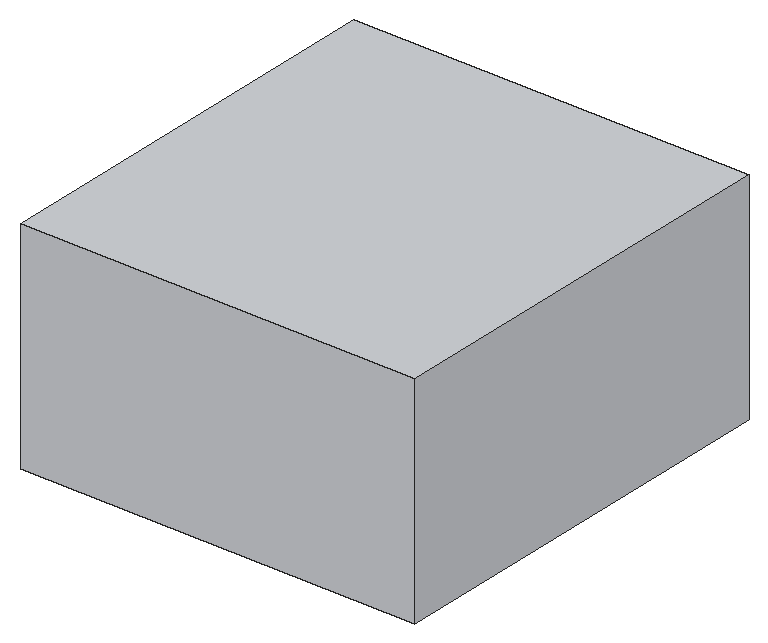
Revit family "37313d083ee9469cb7ac92155010862b", category Conduit Fittings, Revit 2021
Family settings
  Round Connector Dimension = Use Radius
  Part Type = Junction Box Elbow
  OmniClass Number = 23.80.30.17.11
  OmniClass Title = Conduits
  Seek Item ID = Conduit Junction Box - Elbow - PVC-0000-USA-ENU
  Work Plane-Based = No
  Always vertical = Yes
  Cut with Voids When Loaded = No
  Shared = No
Parameters (values of type "Standard")
  Width [instance] = if(not(Max Nominal Diameter 12 > 0' 1"), 0' 4 3/4", 6 * Max Nominal Diameter 12)  # 4 3/4"
  Nominal Radius 2 [instance] = 1/4"
  Nominal Radius 1 [instance] = 1/4"
  Nominal Diameter 2 [instance] = Nominal Radius 2 * 2  # 1/2"
  Nominal Diameter 1 [instance] = Nominal Radius 1 * 2  # 1/2"
  Max Nominal Diameter 12 [instance] = if(Nominal Diameter 1 > Nominal Diameter 2, Nominal Diameter 1, Nominal Diameter 2)  # 1/2"
  Height [instance] = if(not(Max Nominal Diameter 12 > 0' 1"), 0' 2 1/2", if(Max Nominal Diameter 12 < 0' 6", 0' 6", Max Nominal Diameter 12 * 1.2))  # 2 1/2"
  Length [instance] = if(not(Max Nominal Diameter 12 > 0' 1"), 0' 4 1/2", 8 * Max Nominal Diameter 12)  # 4 1/2"
  Default Elevation = 0' - 0"
Reference planes (in)
  plane 1 "Center (Front/Back)": y = 0
  plane 2: z = 0
  plane 3 "Center (Left/Right)": x = 0
  plane 4: x = -2.25
  plane 5: x = 2.25
  plane 6: y = 2.375
  plane 7: y = -2.375
  plane 8: z = 1.25
  plane 9: z = -1.25
Forms (in)
  Extrusion 1, solid
    sketch origin (23, 0, 0) x (1, 0, 0) y (0, 1, 0)
      loop
        line (-25.25, 2.375) -> (-25.25, -2.375) -> (-20.75, -2.375) -> (-20.75, 2.375) -> (-25.25, 2.375)
    from -1.25 to 1.25
Dimensions and locks (in)
  "Length": plane 4 to plane 5
  "Width": plane 6 to plane 7
  equal spacing: plane 8, plane 2, plane 9
  "Height": plane 8 to plane 9
  equal spacing: plane 6, plane 1 "Center (Front/Back)", plane 7
  equal spacing: plane 4, plane 3 "Center (Left/Right)", plane 5
  aligned and locked: Extrusion 1 sketch curve to plane 6
  aligned and locked: plane 4 to Extrusion 1 sketch curve
  aligned and locked: plane 7 to Extrusion 1 sketch curve
  aligned and locked: Extrusion 1 sketch curve to plane 5
  aligned and locked: Extrusion 1 to plane 9
  aligned and locked: plane 8 to Extrusion 1
Connectors (in)
  cabletrayconduit at (-2.25, 0, 0), diameter 0.5, driven by "Nominal Radius 1"
    settings: on Extrusion 1, index 1, connector width 1' - 0", connector height 1' - 0", connector angle 0.00°, system type 32, placement type 0, profile type 0, connector reference index 2, is primary connector yes, connector utility param no, connector description ""
  cabletrayconduit at (0, 2.375, 0), diameter 0.5, driven by "Nominal Radius 2"
    settings: on Extrusion 1, index 2, connector width 1' - 0", connector height 1' - 0", connector angle 0.00°, system type 32, placement type 0, profile type 0, connector reference index 1, is primary connector no, connector utility param no, connector description ""
